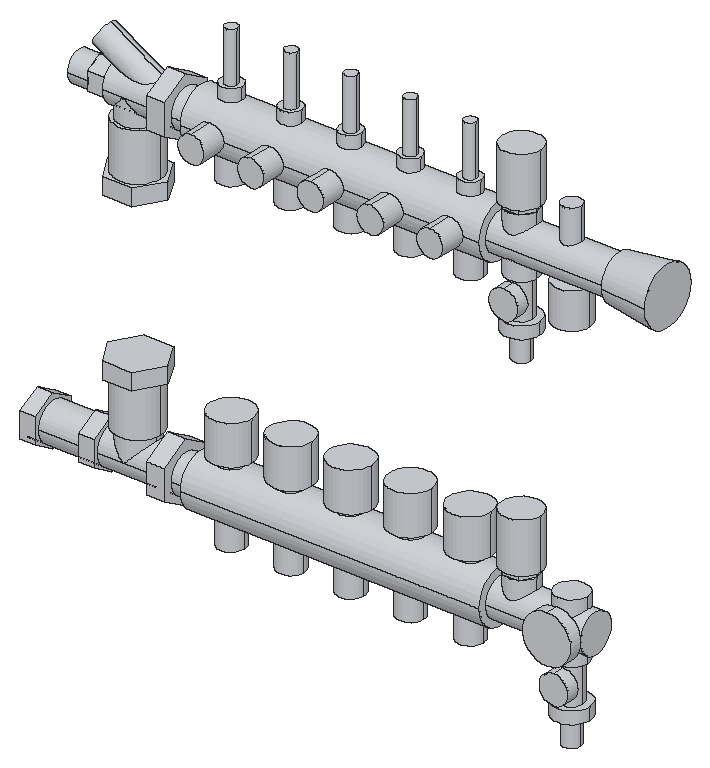
Revit family "318_1dab38ccfa9a4ba2b3cf6a35155c05", category Pipe Accessories, Revit 2017
Family settings
  Round Connector Dimension = Use Diameter
  Part Type = Valve - Normal
  Work Plane-Based = No
  Always vertical = Yes
  Cut with Voids When Loaded = No
  Shared = No
Parameters (values of type "R557FY005")
  magi_piping_qv_2_5 [instance] = 0.0 L/s
  magi_piping_qv_2_4 [instance] = 0.0 L/s
  magi_piping_qv_2_3 [instance] = 0.0 L/s
  magi_piping_qv_2_2 [instance] = 0.0 L/s
  magi_piping_qv_2_1 [instance] = 0.0 L/s
  magi_piping_qv_1_5 [instance] = 0.0 L/s
  magi_piping_qv_1_4 [instance] = 0.0 L/s
  magi_piping_qv_1_3 [instance] = 0.0 L/s
  magi_piping_qv_1_2 [instance] = 0.0 L/s
  magi_piping_qv_1_1 [instance] = 0.0 L/s
  magi_piping_qv [instance] = 0.0 L/s
  magi_piping_power_5 [instance] = 0 W
  magi_piping_power_4 [instance] = 0 W
  magi_piping_power_3 [instance] = 0 W
  magi_piping_power_2 [instance] = 0 W
  magi_piping_power_1 [instance] = 0 W
  magi_piping_kv_5 [instance] = 0
  magi_piping_kv_4 [instance] = 0
  magi_piping_kv_3 [instance] = 0
  magi_piping_kv_2 [instance] = 0
  magi_piping_kv_1 [instance] = 0
  magi_piping_dpTot_5 [instance] = 0.0 Pa
  magi_piping_dpTot_4 [instance] = 0.0 Pa
  magi_piping_dpTot_3 [instance] = 0.0 Pa
  magi_piping_dpTot_2 [instance] = 0.0 Pa
  magi_piping_dpTot_1 [instance] = 0.0 Pa
  magi_adjustmentValue_5 [instance] = ""
  magi_adjustmentValue_4 [instance] = ""
  magi_adjustmentValue_3 [instance] = ""
  magi_adjustmentValue_2 [instance] = ""
  magi_adjustmentValue_1 [instance] = ""
  magiProductId = "1dab38ccfa9a4ba2b3cf6a35155c05"
  magiProductFamilyId = "1dab38ccfa9a4ba2b3cf6a35155c05"
  magiProductCode = "R557FY005"
  magiPartTypeId = 318
  X1 = 127 mm
  VersionID = "2.0/2016.10.37.0/GIACOMINI_R557FY_001"
  VL2__ve = -VL2  # -137 mm
  VL2 = 137 mm
  VL1 = 102 mm
  URL = "http://www.giacomini.com/en"
  SMP = 25 mm
  SBP9 = 18 mm
  SBP8 = 18 mm
  SBP7 = 18 mm
  SBP6 = 18 mm
  SBP5 = 18 mm
  SBP4 = 18 mm
  SBP3 = 18 mm
  SBP2 = 18 mm
  SBP12 = 18 mm
  SBP11 = 18 mm
  SBP10 = 18 mm
  SBP1 = 18 mm
  RMP = 25 mm
  RBP9 = 18 mm
  RBP8 = 18 mm
  RBP7 = 18 mm
  RBP6 = 18 mm
  RBP5 = 18 mm
  RBP4 = 18 mm
  RBP3 = 18 mm
  RBP2 = 18 mm
  RBP12 = 18 mm
  RBP11 = 18 mm
  RBP10 = 18 mm
  RBP1 = 18 mm
  R2 = 22 mm
  QmdConnectorList = "321;SMP;322;SBP1;323;SBP2;324;SBP3;325;SBP4;326;SBP5;351;RMP;352;RBP1;353;RBP2;354;RBP3;355;RBP4;356;RBP5"
  Productdata [instance] = "© Progman Oy, all rights reserved"
  N9 = no
  N8 = no
  N7 = no
  N6 = no
  N5 = yes
  N4 = yes
  N3 = yes
  N12 = no
  N11 = no
  N10 = no
  Manufacturer = "Giacomini"
  MC_Default_elevation = 0 mm
  L = 250 mm
  I = 50 mm
  H5 = 33 mm
  H4 = 5 mm
  H3__ve = -H3  # -40 mm
  H3 = 40 mm
  H2__ve = -H2  # -20 mm
  H2 = 20 mm
  H12 = 42 mm
  H11 = 10 mm
  Flow supply main [instance] = Flow supply 1 + Flow supply 2 + Flow supply 3 + Flow supply 4 + Flow supply 5  # 0.0 L/s
  Flow supply 5 [instance] = 0.0 L/s
  Flow supply 4 [instance] = 0.0 L/s
  Flow supply 3 [instance] = 0.0 L/s
  Flow supply 2 [instance] = 0.0 L/s
  Flow supply 1 [instance] = 0.0 L/s
  Flow return main [instance] = Flow return 1 + Flow return 2 + Flow return 3 + Flow return 4 + Flow return 5  # 0.0 L/s
  Flow return 5 [instance] = 0.0 L/s
  Flow return 4 [instance] = 0.0 L/s
  Flow return 3 [instance] = 0.0 L/s
  Flow return 2 [instance] = 0.0 L/s
  Flow return 1 [instance] = 0.0 L/s
  E = 274 mm
  Description = "PREASSEMBLED MANIFOLD WITH FLOW METERS"
  D4 = 22 mm
  D32 = 10 mm
  D31 = 18 mm
  D2 = 44 mm
  CAT0 = yes
Reference planes
  plane 1 "Center (Front/Back)": y = 0
  plane 2 "XYPLANE": z = 0
  plane 3 "Center (Left/Right)": x = 0
  plane 4 "INIT_TEMP": y = 100
  plane 5 "386": y = -16
  plane 6 "385": z = -41
  plane 7 "384": z = -67
  plane 8 "383": z = -57
  plane 9 "382": y = -9
  plane 10 "381": z = -315
  plane 11 "380": z = -341
  plane 12 "379": z = -331
  plane 13 "378": z = -213
  plane 14 "377": z = -253
  plane 15 "376": z = -61
  plane 16 "375": z = -21
  plane 17 "374": x = 49
  plane 18 "373": x = 77
  plane 19 "372": x = 17
  plane 20 "371": x = 32
  plane 21 "370": x = -35
  plane 22 "369": x = 27
  plane 23 "368": x = 89
  plane 24 "367": x = -35
  plane 25 "366": x = 102
  plane 26 "365": z = -314
  plane 27 "364": z = -247
  plane 28 "363": z = -252
  plane 29 "362": z = -40
  plane 30 "361": x = 0
  plane 31 "360": y = 0
  plane 32 "359": z = -274
  plane 33 "358": z = 0
  plane 34 "357": z = 22
  plane 35 "356": x = 127
  plane 36 "355": x = 177
  plane 37 "354": y = -22
  plane 38 "353": x = 227
  plane 39 "352": z = 32
  plane 40 "351": x = 277
  plane 41 "350": x = 327
  plane 42 "349": x = 377
  plane 43 "348": x = 427
  plane 44 "347": x = 477
  plane 45 "346": x = 527
  plane 46 "345": x = 577
  plane 47 "344": x = 627
  plane 48 "343": x = 677
  plane 49 "342": x = 352
  plane 50 "341": x = 452
  plane 51 "340": x = 492
  plane 52 "339": x = 370
  plane 53 "338": z = -25
  plane 54 "337": z = 25
  plane 55 "336": z = 30
  plane 56 "335": z = -249
  plane 57 "334": z = -244
  plane 58 "333": z = -16
  plane 59 "332": x = 412
  plane 60 "331": z = -299
  plane 61 "1099": through (77, -750, 0) normal (0.866, 0, -0.5)
Forms (mm)
  Extrusion 1, solid
    sketch origin (750, -16, 0) x (-1, 0, 0) y (0, 0, 1)
      loop
        circle (338, -274) r 20
    from 0 to -10
  Extrusion 2, solid
    sketch origin (-750, 0, -67) x (1, 0, 0) y (0, 1, 0)
      loop
        circle (1120, 0) r 7.5
    from 0 to -22
  Extrusion 3, solid
    sketch origin (750, -9, 0) x (-1, 0, 0) y (0, 0, 1)
      loop
        circle (380, -41) r 12
    from 0 to -10
  Extrusion 4, solid
    sketch origin (750, -9, 0) x (-1, 0, 0) y (0, 0, 1)
      loop
        circle (338, -315) r 12
    from 0 to -10
  Extrusion 5, solid
    sketch origin (-750, 0, -341) x (1, 0, 0) y (0, 1, 0)
      loop
        circle (1162, 0) r 7.5
    from 0 to -22
  Extrusion 6, solid
    sketch origin (-750, 0, -57) x (1, 0, 0) y (0, 1, 0)
      loop
        circle (1120, 0) r 15
    from 0 to -10
  Extrusion 7, solid
    sketch origin (-750, 0, -331) x (1, 0, 0) y (0, 1, 0)
      loop
        circle (1162, 0) r 15
    from 0 to -10
  Extrusion 8, solid
    sketch origin (-750, 0, -299) x (1, 0, 0) y (0, 1, 0)
      loop
        circle (1162, 0) r 9
    from 0 to -32
  Extrusion 9, solid
    sketch origin (-750, 0, -253) x (1, 0, 0) y (0, 1, 0)
      loop
        circle (799, 0) r 19
    from 0 to 40
  Extrusion 10, solid
    sketch origin (-750, 0, -274) x (1, 0, 0) y (0, 1, 0)
      loop
        circle (799, 0) r 16
    from 0 to 21
  Extrusion 11, solid
    sketch origin (-750, 0, -213) x (1, 0, 0) y (0, 1, 0)
      loop
        line (824, 0) -> (811.5, 21.651) -> (786.5, 21.651) -> (774, 0) -> (786.5, -21.651) -> (811.5, -21.651) -> (824, 0)
    from 0 to 14
  Extrusion 12, solid
    sketch origin (-750, 0, -61) x (1, 0, 0) y (0, 1, 0)
      loop
        line (774, 0) -> (786.5, -21.651) -> (811.5, -21.651) -> (824, 0) -> (811.5, 21.651) -> (786.5, 21.651) -> (774, 0)
    from 0 to -14
  Extrusion 13, solid
    sketch origin (-750, 0, 0) x (1, 0, 0) y (0, 1, 0)
      loop
        circle (799, 0) r 16
    from 0 to -21
  Extrusion 14, solid
    sketch origin (-750, 0, -21) x (1, 0, 0) y (0, 1, 0)
      loop
        circle (799, 0) r 19
    from 0 to -40
  Extrusion 15, solid
    sketch origin (77, -750, 0) x (0, 1, 0) y (0.5, 0, 0.866025)
      loop
        circle (750, 0) r 10.5
    from 0 to -65
  Extrusion 16, solid, visible <- "CAT0"
    sketch origin (17, -750, 0) x (0, 1, 0) y (0, 0, 1)
      loop
        circle (750, 0) r 12.5
    from 0 to -17
  Extrusion 17, solid
    sketch origin (32, -750, 0) x (0, 1, 0) y (0, 0, 1)
      loop
        line (750, 15) -> (737.01, 7.5) -> (737.01, -7.5) -> (750, -15) -> (762.99, -7.5) -> (762.99, 7.5) -> (750, 15)
    from 0 to -15
  Extrusion 18, solid
    sketch origin (-35, -750, 0) x (0, 1, 0) y (0, 0, 1)
      loop
        line (750, -253) -> (731.813, -263.5) -> (731.813, -284.5) -> (750, -295) -> (768.187, -284.5) -> (768.187, -263.5) -> (750, -253)
    from 0 to 13
  Extrusion 19, solid
    sketch origin (27, -750, 0) x (0, 1, 0) y (0, 0, 1)
      loop
        line (750, -253) -> (731.813, -263.5) -> (731.813, -284.5) -> (750, -295) -> (768.187, -284.5) -> (768.187, -263.5) -> (750, -253)
    from 0 to -13
  Extrusion 20, solid
    sketch origin (102, -750, 0) x (0, 1, 0) y (0, 0, 1)
      loop
        circle (750, 0) r 16
    from 0 to -70
  Extrusion 21, solid
    sketch origin (89, -750, 0) x (0, 1, 0) y (0, 0, 1)
      loop
        line (750, 25) -> (728.349, 12.5) -> (728.349, -12.5) -> (750, -25) -> (771.651, -12.5) -> (771.651, 12.5) -> (750, 25)
    from 0 to -15
  Extrusion 22, solid
    sketch origin (89, -750, 0) x (0, 1, 0) y (0, 0, 1)
      loop
        line (750, -249) -> (728.349, -261.5) -> (728.349, -286.5) -> (750, -299) -> (771.651, -286.5) -> (771.651, -261.5) -> (750, -249)
    from 0 to -15
  Extrusion 23, solid
    sketch origin (102, -750, 0) x (0, 1, 0) y (0, 0, 1)
      loop
        circle (750, -274) r 16
    from 0 to -137 <- "VL2__ve"
  Extrusion 24, solid, visible <- "N10"
    sketch origin (-750, 0, -274) x (1, 0, 0) y (0, 1, 0)
      loop
        circle (1327, 0) r 11
    from 0 to -40 <- "H3__ve"
  Extrusion 25, solid, visible <- "N10"
    sketch origin (-750, 0, -252) x (1, 0, 0) y (0, 1, 0)
      loop
        circle (1327, 0) r 11
    from 0 to 5 <- "H4"
  Extrusion 26, solid, visible <- "N10"
    sketch origin (-750, 0, -247) x (1, 0, 0) y (0, 1, 0)
      loop
        circle (1327, 0) r 17.5
    from 0 to 33 <- "H5"
  Extrusion 27, solid, visible <- "N12"
    sketch origin (-750, 0, -247) x (1, 0, 0) y (0, 1, 0)
      loop
        circle (1427, 0) r 17.5
    from 0 to 33 <- "H5"
  Extrusion 28, solid, visible <- "N12"
    sketch origin (-750, 0, -252) x (1, 0, 0) y (0, 1, 0)
      loop
        circle (1427, 0) r 11
    from 0 to 5 <- "H4"
  Extrusion 29, solid, visible <- "N12"
    sketch origin (-750, 0, -274) x (1, 0, 0) y (0, 1, 0)
      loop
        circle (1427, 0) r 11
    from 0 to -40 <- "H3__ve"
  Extrusion 30, solid, visible <- "N11"
    sketch origin (-750, 0, -274) x (1, 0, 0) y (0, 1, 0)
      loop
        circle (1377, 0) r 11
    from 0 to -40 <- "H3__ve"
  Extrusion 31, solid, visible <- "N11"
    sketch origin (-750, 0, -252) x (1, 0, 0) y (0, 1, 0)
      loop
        circle (1377, 0) r 11
    from 0 to 5 <- "H4"
  Extrusion 32, solid, visible <- "N11"
    sketch origin (-750, 0, -247) x (1, 0, 0) y (0, 1, 0)
      loop
        circle (1377, 0) r 17.5
    from 0 to 33 <- "H5"
  Extrusion 33, solid, visible <- "N8"
    sketch origin (-750, 0, -247) x (1, 0, 0) y (0, 1, 0)
      loop
        circle (1227, 0) r 17.5
    from 0 to 33 <- "H5"
  Extrusion 34, solid, visible <- "N8"
    sketch origin (-750, 0, -252) x (1, 0, 0) y (0, 1, 0)
      loop
        circle (1227, 0) r 11
    from 0 to 5 <- "H4"
  Extrusion 35, solid, visible <- "N8"
    sketch origin (-750, 0, -274) x (1, 0, 0) y (0, 1, 0)
      loop
        circle (1227, 0) r 11
    from 0 to -40 <- "H3__ve"
  Extrusion 36, solid, visible <- "N9"
    sketch origin (-750, 0, -274) x (1, 0, 0) y (0, 1, 0)
      loop
        circle (1277, 0) r 11
    from 0 to -40 <- "H3__ve"
  Extrusion 37, solid, visible <- "N9"
    sketch origin (-750, 0, -252) x (1, 0, 0) y (0, 1, 0)
      loop
        circle (1277, 0) r 11
    from 0 to 5 <- "H4"
  Extrusion 38, solid, visible <- "N9"
    sketch origin (-750, 0, -247) x (1, 0, 0) y (0, 1, 0)
      loop
        circle (1277, 0) r 17.5
    from 0 to 33 <- "H5"
  Extrusion 39, solid, visible <- "N7"
    sketch origin (-750, 0, -247) x (1, 0, 0) y (0, 1, 0)
      loop
        circle (1177, 0) r 17.5
    from 0 to 33 <- "H5"
  Extrusion 40, solid, visible <- "N7"
    sketch origin (-750, 0, -252) x (1, 0, 0) y (0, 1, 0)
      loop
        circle (1177, 0) r 11
    from 0 to 5 <- "H4"
  Extrusion 41, solid, visible <- "N7"
    sketch origin (-750, 0, -274) x (1, 0, 0) y (0, 1, 0)
      loop
        circle (1177, 0) r 11
    from 0 to -40 <- "H3__ve"
  Extrusion 42, solid, visible <- "N6"
    sketch origin (-750, 0, -274) x (1, 0, 0) y (0, 1, 0)
      loop
        circle (1127, 0) r 11
    from 0 to -40 <- "H3__ve"
  Extrusion 43, solid, visible <- "N6"
    sketch origin (-750, 0, -252) x (1, 0, 0) y (0, 1, 0)
      loop
        circle (1127, 0) r 11
    from 0 to 5 <- "H4"
  Extrusion 44, solid, visible <- "N6"
    sketch origin (-750, 0, -247) x (1, 0, 0) y (0, 1, 0)
      loop
        circle (1127, 0) r 17.5
    from 0 to 33 <- "H5"
  Extrusion 45, solid, visible <- "N5"
    sketch origin (-750, 0, -247) x (1, 0, 0) y (0, 1, 0)
      loop
        circle (1077, 0) r 17.5
    from 0 to 33 <- "H5"
  Extrusion 46, solid, visible <- "N5"
    sketch origin (-750, 0, -252) x (1, 0, 0) y (0, 1, 0)
      loop
        circle (1077, 0) r 11
    from 0 to 5 <- "H4"
  Extrusion 47, solid, visible <- "N5"
    sketch origin (-750, 0, -274) x (1, 0, 0) y (0, 1, 0)
      loop
        circle (1077, 0) r 11
    from 0 to -40 <- "H3__ve"
  Extrusion 48, solid, visible <- "N4"
    sketch origin (-750, 0, -274) x (1, 0, 0) y (0, 1, 0)
      loop
        circle (1027, 0) r 11
    from 0 to -40 <- "H3__ve"
  Extrusion 49, solid, visible <- "N4"
    sketch origin (-750, 0, -252) x (1, 0, 0) y (0, 1, 0)
      loop
        circle (1027, 0) r 11
    from 0 to 5 <- "H4"
  Extrusion 50, solid, visible <- "N4"
    sketch origin (-750, 0, -247) x (1, 0, 0) y (0, 1, 0)
      loop
        circle (1027, 0) r 17.5
    from 0 to 33 <- "H5"
  Extrusion 51, solid, visible <- "N3"
    sketch origin (-750, 0, -247) x (1, 0, 0) y (0, 1, 0)
      loop
        circle (977, 0) r 17.5
    from 0 to 33 <- "H5"
  Extrusion 52, solid, visible <- "N3"
    sketch origin (-750, 0, -252) x (1, 0, 0) y (0, 1, 0)
      loop
        circle (977, 0) r 11
    from 0 to 5 <- "H4"
  Extrusion 53, solid
    sketch origin (-750, 0, -252) x (1, 0, 0) y (0, 1, 0)
      loop
        circle (927, 0) r 11
    from 0 to 5 <- "H4"
  Extrusion 54, solid
    sketch origin (-750, 0, -247) x (1, 0, 0) y (0, 1, 0)
      loop
        circle (927, 0) r 17.5
    from 0 to 33 <- "H5"
  Extrusion 55, solid
    sketch origin (-750, 0, -247) x (1, 0, 0) y (0, 1, 0)
      loop
        circle (877, 0) r 17.5
    from 0 to 33 <- "H5"
  Extrusion 56, solid
    sketch origin (-750, 0, -252) x (1, 0, 0) y (0, 1, 0)
      loop
        circle (877, 0) r 11
    from 0 to 5 <- "H4"
  Extrusion 57, solid, visible <- "N3"
    sketch origin (-750, 0, -274) x (1, 0, 0) y (0, 1, 0)
      loop
        circle (977, 0) r 11
    from 0 to -40 <- "H3__ve"
  Extrusion 58, solid
    sketch origin (-750, 0, -274) x (1, 0, 0) y (0, 1, 0)
      loop
        circle (877, 0) r 11
    from 0 to -40 <- "H3__ve"
  Extrusion 59, solid
    sketch origin (-750, 0, -274) x (1, 0, 0) y (0, 1, 0)
      loop
        circle (927, 0) r 11
    from 0 to -40 <- "H3__ve"
  Extrusion 60, solid
    sketch origin (102, -750, 0) x (0, 1, 0) y (0, 0, 1)
      loop
        circle (750, -274) r 22
    from 0 to 250 <- "L"
  Extrusion 61, solid, visible <- "N8"
    sketch origin (-750, 0, 0) x (1, 0, 0) y (0, 1, 0)
      loop
        circle (1227, 0) r 11
    from 0 to -40 <- "H3__ve"
  Extrusion 62, solid, visible <- "N9"
    sketch origin (-750, 0, 0) x (1, 0, 0) y (0, 1, 0)
      loop
        circle (1277, 0) r 11
    from 0 to -40 <- "H3__ve"
  Extrusion 63, solid, visible <- "N10"
    sketch origin (-750, 0, 0) x (1, 0, 0) y (0, 1, 0)
      loop
        circle (1327, 0) r 11
    from 0 to -40 <- "H3__ve"
  Extrusion 64, solid, visible <- "N11"
    sketch origin (-750, 0, 0) x (1, 0, 0) y (0, 1, 0)
      loop
        circle (1377, 0) r 11
    from 0 to -40 <- "H3__ve"
  Extrusion 65, solid, visible <- "N12"
    sketch origin (-750, 0, 0) x (1, 0, 0) y (0, 1, 0)
      loop
        circle (1427, 0) r 11
    from 0 to -40 <- "H3__ve"
  Extrusion 66, solid, visible <- "N7"
    sketch origin (-750, 0, 0) x (1, 0, 0) y (0, 1, 0)
      loop
        circle (1177, 0) r 11
    from 0 to -40 <- "H3__ve"
  Extrusion 67, solid, visible <- "N6"
    sketch origin (-750, 0, 0) x (1, 0, 0) y (0, 1, 0)
      loop
        circle (1127, 0) r 11
    from 0 to -40 <- "H3__ve"
  Extrusion 68, solid, visible <- "N5"
    sketch origin (-750, 0, 0) x (1, 0, 0) y (0, 1, 0)
      loop
        circle (1077, 0) r 11
    from 0 to -40 <- "H3__ve"
  Extrusion 69, solid, visible <- "N4"
    sketch origin (-750, 0, 0) x (1, 0, 0) y (0, 1, 0)
      loop
        circle (1027, 0) r 11
    from 0 to -40 <- "H3__ve"
  Extrusion 70, solid, visible <- "N3"
    sketch origin (-750, 0, 0) x (1, 0, 0) y (0, 1, 0)
      loop
        circle (977, 0) r 11
    from 0 to -40 <- "H3__ve"
  Extrusion 71, solid
    sketch origin (-750, 0, 0) x (1, 0, 0) y (0, 1, 0)
      loop
        circle (927, 0) r 11
    from 0 to -40 <- "H3__ve"
  Extrusion 72, solid
    sketch origin (-750, 0, 0) x (1, 0, 0) y (0, 1, 0)
      loop
        circle (877, 0) r 11
    from 0 to -40 <- "H3__ve"
  Extrusion 73, solid
    sketch origin (102, -750, 0) x (0, 1, 0) y (0, 0, 1)
      loop
        circle (750, 0) r 22
    from 0 to 250 <- "L"
  Extrusion 74, solid
    sketch origin (-750, 0, 22) x (1, 0, 0) y (0, 1, 0)
      loop
        circle (877, 0) r 9
    from 0 to 10 <- "H11"
  Extrusion 75, solid
    sketch origin (750, -22, 0) x (-1, 0, 0) y (0, 0, 1)
      loop
        circle (623, 0) r 11
    from 0 to -20 <- "H2__ve"
  Extrusion 76, solid
    sketch origin (750, -22, 0) x (-1, 0, 0) y (0, 0, 1)
      loop
        circle (573, 0) r 11
    from 0 to -20 <- "H2__ve"
  Extrusion 77, solid, visible <- "N3"
    sketch origin (750, -22, 0) x (-1, 0, 0) y (0, 0, 1)
      loop
        circle (523, 0) r 11
    from 0 to -20 <- "H2__ve"
  Extrusion 78, solid
    sketch origin (-750, 0, 32) x (1, 0, 0) y (0, 1, 0)
      loop
        circle (877, 0) r 5
    from 0 to 42 <- "H12"
  Extrusion 79, solid
    sketch origin (-750, 0, 32) x (1, 0, 0) y (0, 1, 0)
      loop
        circle (927, 0) r 5
    from 0 to 42 <- "H12"
  Extrusion 80, solid
    sketch origin (-750, 0, 22) x (1, 0, 0) y (0, 1, 0)
      loop
        circle (927, 0) r 9
    from 0 to 10 <- "H11"
  Extrusion 81, solid, visible <- "N3"
    sketch origin (-750, 0, 22) x (1, 0, 0) y (0, 1, 0)
      loop
        circle (977, 0) r 9
    from 0 to 10 <- "H11"
  Extrusion 82, solid, visible <- "N3"
    sketch origin (-750, 0, 32) x (1, 0, 0) y (0, 1, 0)
      loop
        circle (977, 0) r 5
    from 0 to 42 <- "H12"
  Extrusion 83, solid, visible <- "N4"
    sketch origin (-750, 0, 32) x (1, 0, 0) y (0, 1, 0)
      loop
        circle (1027, 0) r 5
    from 0 to 42 <- "H12"
  Extrusion 84, solid, visible <- "N4"
    sketch origin (-750, 0, 22) x (1, 0, 0) y (0, 1, 0)
      loop
        circle (1027, 0) r 9
    from 0 to 10 <- "H11"
  Extrusion 85, solid, visible <- "N4"
    sketch origin (750, -22, 0) x (-1, 0, 0) y (0, 0, 1)
      loop
        circle (473, 0) r 11
    from 0 to -20 <- "H2__ve"
  Extrusion 86, solid, visible <- "N5"
    sketch origin (750, -22, 0) x (-1, 0, 0) y (0, 0, 1)
      loop
        circle (423, 0) r 11
    from 0 to -20 <- "H2__ve"
  Extrusion 87, solid, visible <- "N5"
    sketch origin (-750, 0, 22) x (1, 0, 0) y (0, 1, 0)
      loop
        circle (1077, 0) r 9
    from 0 to 10 <- "H11"
  Extrusion 88, solid, visible <- "N5"
    sketch origin (-750, 0, 32) x (1, 0, 0) y (0, 1, 0)
      loop
        circle (1077, 0) r 5
    from 0 to 42 <- "H12"
  Extrusion 89, solid, visible <- "N6"
    sketch origin (-750, 0, 32) x (1, 0, 0) y (0, 1, 0)
      loop
        circle (1127, 0) r 5
    from 0 to 42 <- "H12"
  Extrusion 90, solid, visible <- "N6"
    sketch origin (-750, 0, 22) x (1, 0, 0) y (0, 1, 0)
      loop
        circle (1127, 0) r 9
    from 0 to 10 <- "H11"
  Extrusion 91, solid, visible <- "N6"
    sketch origin (750, -22, 0) x (-1, 0, 0) y (0, 0, 1)
      loop
        circle (373, 0) r 11
    from 0 to -20 <- "H2__ve"
  Extrusion 92, solid, visible <- "N7"
    sketch origin (750, -22, 0) x (-1, 0, 0) y (0, 0, 1)
      loop
        circle (323, 0) r 11
    from 0 to -20 <- "H2__ve"
  Extrusion 93, solid, visible <- "N7"
    sketch origin (-750, 0, 22) x (1, 0, 0) y (0, 1, 0)
      loop
        circle (1177, 0) r 9
    from 0 to 10 <- "H11"
  Extrusion 94, solid, visible <- "N7"
    sketch origin (-750, 0, 32) x (1, 0, 0) y (0, 1, 0)
      loop
        circle (1177, 0) r 5
    from 0 to 42 <- "H12"
  Extrusion 95, solid, visible <- "N8"
    sketch origin (-750, 0, 32) x (1, 0, 0) y (0, 1, 0)
      loop
        circle (1227, 0) r 5
    from 0 to 42 <- "H12"
  Extrusion 96, solid, visible <- "N8"
    sketch origin (-750, 0, 22) x (1, 0, 0) y (0, 1, 0)
      loop
        circle (1227, 0) r 9
    from 0 to 10 <- "H11"
  Extrusion 97, solid, visible <- "N8"
    sketch origin (750, -22, 0) x (-1, 0, 0) y (0, 0, 1)
      loop
        circle (273, 0) r 11
    from 0 to -20 <- "H2__ve"
  Extrusion 98, solid, visible <- "N10"
    sketch origin (750, -22, 0) x (-1, 0, 0) y (0, 0, 1)
      loop
        circle (173, 0) r 11
    from 0 to -20 <- "H2__ve"
  Extrusion 99, solid, visible <- "N10"
    sketch origin (-750, 0, 22) x (1, 0, 0) y (0, 1, 0)
      loop
        circle (1327, 0) r 9
    from 0 to 10 <- "H11"
  Extrusion 100, solid, visible <- "N10"
    sketch origin (-750, 0, 32) x (1, 0, 0) y (0, 1, 0)
      loop
        circle (1327, 0) r 5
    from 0 to 42 <- "H12"
  Extrusion 101, solid, visible <- "N9"
    sketch origin (-750, 0, 32) x (1, 0, 0) y (0, 1, 0)
      loop
        circle (1277, 0) r 5
    from 0 to 42 <- "H12"
  Extrusion 102, solid, visible <- "N9"
    sketch origin (-750, 0, 22) x (1, 0, 0) y (0, 1, 0)
      loop
        circle (1277, 0) r 9
    from 0 to 10 <- "H11"
  Extrusion 103, solid, visible <- "N9"
    sketch origin (750, -22, 0) x (-1, 0, 0) y (0, 0, 1)
      loop
        circle (223, 0) r 11
    from 0 to -20 <- "H2__ve"
  Extrusion 104, solid, visible <- "N11"
    sketch origin (-750, 0, 32) x (1, 0, 0) y (0, 1, 0)
      loop
        circle (1377, 0) r 5
    from 0 to 42 <- "H12"
  Extrusion 105, solid, visible <- "N11"
    sketch origin (-750, 0, 22) x (1, 0, 0) y (0, 1, 0)
      loop
        circle (1377, 0) r 9
    from 0 to 10 <- "H11"
  Extrusion 106, solid, visible <- "N11"
    sketch origin (750, -22, 0) x (-1, 0, 0) y (0, 0, 1)
      loop
        circle (123, 0) r 11
    from 0 to -20 <- "H2__ve"
  Extrusion 107, solid, visible <- "N12"
    sketch origin (750, -22, 0) x (-1, 0, 0) y (0, 0, 1)
      loop
        circle (73, 0) r 11
    from 0 to -20 <- "H2__ve"
  Extrusion 108, solid, visible <- "N12"
    sketch origin (-750, 0, 22) x (1, 0, 0) y (0, 1, 0)
      loop
        circle (1427, 0) r 9
    from 0 to 10 <- "H11"
  Extrusion 109, solid, visible <- "N12"
    sketch origin (-750, 0, 32) x (1, 0, 0) y (0, 1, 0)
      loop
        circle (1427, 0) r 5
    from 0 to 42 <- "H12"
  Extrusion 110, solid
    sketch origin (352, -750, 0) x (0, 1, 0) y (0, 0, 1)
      loop
        circle (750, 0) r 16
    from 0 to 100
  Blend 111, solid
    base sketch origin (452, -750, 0) x (0, 1, 0) y (0, 0, 1)
      loop
        circle (750, 0) r 19
    top sketch origin (452, -750, 0) x (0, 1, 0) y (0, 0, 1)
      loop
        circle (750, 0) r 24
    from 0 to 40
  Extrusion 112, solid
    sketch origin (-750, 0, -25) x (1, 0, 0) y (0, 1, 0)
      loop
        circle (1120, 0) r 13
    from 0 to 50
  Extrusion 113, solid
    sketch origin (-750, 0, 25) x (1, 0, 0) y (0, 1, 0)
      loop
        line (1133, 0) -> (1126.5, 11.258) -> (1113.5, 11.258) -> (1107, 0) -> (1113.5, -11.258) -> (1126.5, -11.258) -> (1133, 0)
    from 0 to 5
  Extrusion 114, solid
    sketch origin (-750, 0, 30) x (1, 0, 0) y (0, 1, 0)
      loop
        circle (1120, 0) r 16
    from 0 to 42
  Extrusion 115, solid
    sketch origin (352, -750, 0) x (0, 1, 0) y (0, 0, 1)
      loop
        circle (750, -274) r 16
    from 0 to 80
  Extrusion 116, solid
    sketch origin (-750, 0, -274) x (1, 0, 0) y (0, 1, 0)
      loop
        circle (1120, 0) r 13
    from 0 to 25
  Extrusion 117, solid
    sketch origin (-750, 0, -244) x (1, 0, 0) y (0, 1, 0)
      loop
        circle (1120, 0) r 16
    from 0 to 42
  Extrusion 118, solid
    sketch origin (-750, 0, -249) x (1, 0, 0) y (0, 1, 0)
      loop
        line (1133, 0) -> (1126.5, 11.258) -> (1113.5, 11.258) -> (1107, 0) -> (1113.5, -11.258) -> (1126.5, -11.258) -> (1133, 0)
    from 0 to 5
  Extrusion 119, solid, visible <- "CAT0"
    sketch origin (-750, 0, -16) x (1, 0, 0) y (0, 1, 0)
      loop
        circle (1162, 0) r 15
    from 0 to -30
  Extrusion 120, solid, visible <- "CAT0"
    sketch origin (-750, 0, 0) x (1, 0, 0) y (0, 1, 0)
      loop
        circle (1162, 0) r 8
    from 0 to 42
  Extrusion 121, solid
    sketch origin (-750, 0, -25) x (1, 0, 0) y (0, 1, 0)
      loop
        circle (1120, 0) r 9
    from 0 to -32
  Extrusion 122, solid
    sketch origin (-750, 0, -299) x (1, 0, 0) y (0, 1, 0)
      loop
        circle (1162, 0) r 13
    from 0 to 50
  Extrusion 123, solid, not visible
    sketch origin (-750, 0, -314) x (1, 0, 0) y (0, 1, 0)
      loop
        circle (1077, 0) r 10
    from 0 to 10
  Extrusion 124, solid, not visible
    sketch origin (-750, 0, -314) x (1, 0, 0) y (0, 1, 0)
      loop
        circle (1027, 0) r 10
    from 0 to 10
  Extrusion 125, solid, not visible
    sketch origin (-750, 0, -314) x (1, 0, 0) y (0, 1, 0)
      loop
        circle (927, 0) r 10
    from 0 to 10
  Extrusion 126, solid, not visible
    sketch origin (-750, 0, -314) x (1, 0, 0) y (0, 1, 0)
      loop
        circle (877, 0) r 10
    from 0 to 10
  Extrusion 127, solid, not visible
    sketch origin (-750, 0, -314) x (1, 0, 0) y (0, 1, 0)
      loop
        circle (977, 0) r 10
    from 0 to 10
  Extrusion 128, solid, not visible
    sketch origin (-750, 0, -40) x (1, 0, 0) y (0, 1, 0)
      loop
        circle (1077, 0) r 10
    from 0 to 10
  Extrusion 129, solid, not visible
    sketch origin (-750, 0, -40) x (1, 0, 0) y (0, 1, 0)
      loop
        circle (1027, 0) r 10
    from 0 to 10
  Extrusion 130, solid, not visible
    sketch origin (-750, 0, -40) x (1, 0, 0) y (0, 1, 0)
      loop
        circle (977, 0) r 10
    from 0 to 10
  Extrusion 131, solid, not visible
    sketch origin (0, -750, 0) x (0, 1, 0) y (0, 0, 1)
      loop
        circle (750, 0) r 10
    from 0 to 10
  Extrusion 132, solid, not visible
    sketch origin (-35, -750, 0) x (0, 1, 0) y (0, 0, 1)
      loop
        circle (750, -274) r 10
    from 0 to 10
  Extrusion 133, solid, not visible
    sketch origin (-750, 0, -40) x (1, 0, 0) y (0, 1, 0)
      loop
        circle (877, 0) r 10
    from 0 to 10
  Extrusion 134, solid, not visible
    sketch origin (-750, 0, -40) x (1, 0, 0) y (0, 1, 0)
      loop
        circle (927, 0) r 10
    from 0 to 10
Text (mm)
  text "© Progman Oy, all rights reserved" at (-472.209, -2482.653, 0), in view "Ref. Level"
Dimensions and locks
  plane 4 "INIT_TEMP" to plane 1 "Center (Front/Back)" = 100 mm
  locked: plane 1 "Center (Front/Back)" to plane 5 "386" at 16
  locked: plane 53 "338" to plane 6 "385" at 16
  locked: plane 8 "383" to plane 7 "384" at 10
  locked: plane 53 "338" to plane 8 "383" at 32
  locked: plane 1 "Center (Front/Back)" to plane 9 "382" at 9
  locked: plane 60 "331" to plane 10 "381" at 16
  locked: plane 12 "379" to plane 11 "380" at 10
  locked: plane 60 "331" to plane 12 "379" at 32
  locked: plane 14 "377" to plane 13 "378" at 40
  locked: plane 32 "359" to plane 14 "377" at 21
  locked: plane 16 "375" to plane 15 "376" at 40
  locked: plane 2 "XYPLANE" to plane 16 "375" at 21
  locked: plane 25 "366" to plane 17 "374" at 53
  locked: plane 25 "366" to plane 18 "373" at 25
  locked: plane 20 "371" to plane 19 "372" at 15
  locked: plane 25 "366" to plane 20 "371" at 70
  "VL2": plane 25 "366" to plane 21 "370"
  locked: plane 23 "368" to plane 22 "369" at 62
  locked: plane 25 "366" to plane 23 "368" at 13
  "VL2": plane 25 "366" to plane 24 "367"
  "VL1": plane 3 "Center (Left/Right)" to plane 25 "366"
  "H3": plane 32 "359" to plane 26 "365"
  "H4": plane 28 "363" to plane 27 "364"
  "R2": plane 32 "359" to plane 28 "363"
  "H3": plane 2 "XYPLANE" to plane 29 "362"
  locked: plane 3 "Center (Left/Right)" to plane 30 "361"
  locked: plane 1 "Center (Front/Back)" to plane 31 "360"
  "E": plane 2 "XYPLANE" to plane 32 "359"
  locked: plane 2 "XYPLANE" to plane 33 "358"
  "R2": plane 2 "XYPLANE" to plane 34 "357"
  "X1": plane 3 "Center (Left/Right)" to plane 35 "356"
  "I": plane 35 "356" to plane 36 "355"
  "R2": plane 1 "Center (Front/Back)" to plane 37 "354"
  "I": plane 36 "355" to plane 38 "353"
  "H11": plane 34 "357" to plane 39 "352"
  "I": plane 38 "353" to plane 40 "351"
  "I": plane 40 "351" to plane 41 "350"
  "I": plane 41 "350" to plane 42 "349"
  "I": plane 42 "349" to plane 43 "348"
  "I": plane 43 "348" to plane 44 "347"
  "I": plane 44 "347" to plane 45 "346"
  "I": plane 45 "346" to plane 46 "345"
  "I": plane 46 "345" to plane 47 "344"
  "I": plane 47 "344" to plane 48 "343"
  "L": plane 25 "366" to plane 49 "342"
  locked: plane 49 "342" to plane 50 "341" at 100
  locked: plane 50 "341" to plane 51 "340" at 40
  locked: plane 49 "342" to plane 52 "339" at 18
  locked: plane 2 "XYPLANE" to plane 53 "338" at 25
  locked: plane 53 "338" to plane 54 "337" at 50
  locked: plane 54 "337" to plane 55 "336" at 5
  locked: plane 32 "359" to plane 56 "335" at 25
  locked: plane 56 "335" to plane 57 "334" at 5
  locked: plane 2 "XYPLANE" to plane 58 "333" at 16
  locked: plane 49 "342" to plane 59 "332" at 60
  locked: plane 32 "359" to plane 60 "331" at 25
  "D4": diameter of Extrusion 24 sketch curve
  "D4": diameter of Extrusion 25 sketch curve
  diameter of Extrusion 26 sketch curve = 35 mm
  diameter of Extrusion 27 sketch curve = 35 mm
  "D4": diameter of Extrusion 28 sketch curve
  "D4": diameter of Extrusion 29 sketch curve
  "D4": diameter of Extrusion 30 sketch curve
  "D4": diameter of Extrusion 31 sketch curve
  diameter of Extrusion 32 sketch curve = 35 mm
  diameter of Extrusion 33 sketch curve = 35 mm
  "D4": diameter of Extrusion 34 sketch curve
  "D4": diameter of Extrusion 35 sketch curve
  "D4": diameter of Extrusion 36 sketch curve
  "D4": diameter of Extrusion 37 sketch curve
  diameter of Extrusion 38 sketch curve = 35 mm
  diameter of Extrusion 39 sketch curve = 35 mm
  "D4": diameter of Extrusion 40 sketch curve
  "D4": diameter of Extrusion 41 sketch curve
  "D4": diameter of Extrusion 42 sketch curve
  "D4": diameter of Extrusion 43 sketch curve
  diameter of Extrusion 44 sketch curve = 35 mm
  diameter of Extrusion 45 sketch curve = 35 mm
  "D4": diameter of Extrusion 46 sketch curve
  "D4": diameter of Extrusion 47 sketch curve
  "D4": diameter of Extrusion 48 sketch curve
  "D4": diameter of Extrusion 49 sketch curve
  diameter of Extrusion 50 sketch curve = 35 mm
  diameter of Extrusion 51 sketch curve = 35 mm
  "D4": diameter of Extrusion 52 sketch curve
  "D4": diameter of Extrusion 53 sketch curve
  diameter of Extrusion 54 sketch curve = 35 mm
  diameter of Extrusion 55 sketch curve = 35 mm
  "D4": diameter of Extrusion 56 sketch curve
  "D4": diameter of Extrusion 57 sketch curve
  "D4": diameter of Extrusion 58 sketch curve
  "D4": diameter of Extrusion 59 sketch curve
  "D2": diameter of Extrusion 60 sketch curve
  "D4": diameter of Extrusion 61 sketch curve
  "D4": diameter of Extrusion 62 sketch curve
  "D4": diameter of Extrusion 63 sketch curve
  "D4": diameter of Extrusion 64 sketch curve
  "D4": diameter of Extrusion 65 sketch curve
  "D4": diameter of Extrusion 66 sketch curve
  "D4": diameter of Extrusion 67 sketch curve
  "D4": diameter of Extrusion 68 sketch curve
  "D4": diameter of Extrusion 69 sketch curve
  "D4": diameter of Extrusion 70 sketch curve
  "D4": diameter of Extrusion 71 sketch curve
  "D4": diameter of Extrusion 72 sketch curve
  "D2": diameter of Extrusion 73 sketch curve
  "D31": diameter of Extrusion 74 sketch curve
  "D4": diameter of Extrusion 75 sketch curve
  "D4": diameter of Extrusion 76 sketch curve
  "D4": diameter of Extrusion 77 sketch curve
  "D32": diameter of Extrusion 78 sketch curve
  "D32": diameter of Extrusion 79 sketch curve
  "D31": diameter of Extrusion 80 sketch curve
  "D31": diameter of Extrusion 81 sketch curve
  "D32": diameter of Extrusion 82 sketch curve
  "D32": diameter of Extrusion 83 sketch curve
  "D31": diameter of Extrusion 84 sketch curve
  "D4": diameter of Extrusion 85 sketch curve
  "D4": diameter of Extrusion 86 sketch curve
  "D31": diameter of Extrusion 87 sketch curve
  "D32": diameter of Extrusion 88 sketch curve
  "D32": diameter of Extrusion 89 sketch curve
  "D31": diameter of Extrusion 90 sketch curve
  "D4": diameter of Extrusion 91 sketch curve
  "D4": diameter of Extrusion 92 sketch curve
  "D31": diameter of Extrusion 93 sketch curve
  "D32": diameter of Extrusion 94 sketch curve
  "D32": diameter of Extrusion 95 sketch curve
  "D31": diameter of Extrusion 96 sketch curve
  "D4": diameter of Extrusion 97 sketch curve
  "D4": diameter of Extrusion 98 sketch curve
  "D31": diameter of Extrusion 99 sketch curve
  "D32": diameter of Extrusion 100 sketch curve
  "D32": diameter of Extrusion 101 sketch curve
  "D31": diameter of Extrusion 102 sketch curve
  "D4": diameter of Extrusion 103 sketch curve
  "D32": diameter of Extrusion 104 sketch curve
  "D31": diameter of Extrusion 105 sketch curve
  "D4": diameter of Extrusion 106 sketch curve
  "D4": diameter of Extrusion 107 sketch curve
  "D31": diameter of Extrusion 108 sketch curve
  "D32": diameter of Extrusion 109 sketch curve
  aligned and locked: level to plane 2 "XYPLANE"
  aligned and locked: plane 32 "359" to Extrusion 1 sketch curve
  aligned and locked: plane 59 "332" to Extrusion 1 sketch curve
  aligned and locked: plane 31 "360" to Extrusion 2 sketch curve
  aligned and locked: plane 52 "339" to Extrusion 2 sketch curve
  aligned and locked: plane 6 "385" to Extrusion 3 sketch curve
  aligned and locked: plane 52 "339" to Extrusion 3 sketch curve
  aligned and locked: plane 10 "381" to Extrusion 4 sketch curve
  aligned and locked: plane 59 "332" to Extrusion 4 sketch curve
  aligned and locked: plane 31 "360" to Extrusion 5 sketch curve
  aligned and locked: plane 59 "332" to Extrusion 5 sketch curve
  aligned and locked: plane 31 "360" to Extrusion 6 sketch curve
  aligned and locked: plane 52 "339" to Extrusion 6 sketch curve
  aligned and locked: plane 31 "360" to Extrusion 7 sketch curve
  aligned and locked: plane 59 "332" to Extrusion 7 sketch curve
  aligned and locked: plane 31 "360" to Extrusion 8 sketch curve
  aligned and locked: plane 59 "332" to Extrusion 8 sketch curve
  aligned and locked: plane 17 "374" to Extrusion 9 sketch curve
  aligned and locked: plane 31 "360" to Extrusion 9 sketch curve
  aligned and locked: plane 17 "374" to Extrusion 10 sketch curve
  aligned and locked: plane 31 "360" to Extrusion 10 sketch curve
  aligned and locked: plane 17 "374" to Extrusion 13 sketch curve
  aligned and locked: plane 31 "360" to Extrusion 13 sketch curve
  aligned and locked: plane 17 "374" to Extrusion 14 sketch curve
  aligned and locked: plane 31 "360" to Extrusion 14 sketch curve
  aligned and locked: plane 31 "360" to Extrusion 15 sketch curve
  aligned and locked: Extrusion 16 sketch curve to plane 31 "360"
  aligned and locked: plane 33 "358" to Extrusion 16 sketch curve
  aligned and locked: Extrusion 20 sketch curve to plane 31 "360"
  aligned and locked: plane 33 "358" to Extrusion 20 sketch curve
  aligned and locked: Extrusion 23 sketch curve to plane 31 "360"
  aligned and locked: plane 32 "359" to Extrusion 23 sketch curve
  aligned and locked: plane 31 "360" to Extrusion 24 sketch curve
  aligned and locked: plane 46 "345" to Extrusion 24 sketch curve
  aligned and locked: plane 31 "360" to Extrusion 25 sketch curve
  aligned and locked: plane 46 "345" to Extrusion 25 sketch curve
  aligned and locked: plane 31 "360" to Extrusion 26 sketch curve
  aligned and locked: plane 46 "345" to Extrusion 26 sketch curve
  aligned and locked: plane 31 "360" to Extrusion 27 sketch curve
  aligned and locked: plane 48 "343" to Extrusion 27 sketch curve
  aligned and locked: plane 31 "360" to Extrusion 28 sketch curve
  aligned and locked: plane 48 "343" to Extrusion 28 sketch curve
  aligned and locked: plane 31 "360" to Extrusion 29 sketch curve
  aligned and locked: plane 48 "343" to Extrusion 29 sketch curve
  aligned and locked: plane 31 "360" to Extrusion 30 sketch curve
  aligned and locked: plane 47 "344" to Extrusion 30 sketch curve
  aligned and locked: plane 31 "360" to Extrusion 31 sketch curve
  aligned and locked: plane 47 "344" to Extrusion 31 sketch curve
  aligned and locked: plane 31 "360" to Extrusion 32 sketch curve
  aligned and locked: plane 47 "344" to Extrusion 32 sketch curve
  aligned and locked: plane 31 "360" to Extrusion 33 sketch curve
  aligned and locked: plane 44 "347" to Extrusion 33 sketch curve
  aligned and locked: plane 31 "360" to Extrusion 34 sketch curve
  aligned and locked: plane 44 "347" to Extrusion 34 sketch curve
  aligned and locked: plane 31 "360" to Extrusion 35 sketch curve
  aligned and locked: plane 44 "347" to Extrusion 35 sketch curve
  aligned and locked: plane 31 "360" to Extrusion 36 sketch curve
  aligned and locked: plane 45 "346" to Extrusion 36 sketch curve
  aligned and locked: plane 31 "360" to Extrusion 37 sketch curve
  aligned and locked: plane 45 "346" to Extrusion 37 sketch curve
  aligned and locked: plane 31 "360" to Extrusion 38 sketch curve
  aligned and locked: plane 45 "346" to Extrusion 38 sketch curve
  aligned and locked: plane 31 "360" to Extrusion 39 sketch curve
  aligned and locked: plane 43 "348" to Extrusion 39 sketch curve
  aligned and locked: plane 31 "360" to Extrusion 40 sketch curve
  aligned and locked: plane 43 "348" to Extrusion 40 sketch curve
  aligned and locked: plane 31 "360" to Extrusion 41 sketch curve
  aligned and locked: plane 43 "348" to Extrusion 41 sketch curve
  aligned and locked: plane 31 "360" to Extrusion 42 sketch curve
  aligned and locked: plane 42 "349" to Extrusion 42 sketch curve
  aligned and locked: plane 31 "360" to Extrusion 43 sketch curve
  aligned and locked: plane 42 "349" to Extrusion 43 sketch curve
  aligned and locked: plane 31 "360" to Extrusion 44 sketch curve
  aligned and locked: plane 42 "349" to Extrusion 44 sketch curve
  aligned and locked: plane 31 "360" to Extrusion 45 sketch curve
  aligned and locked: plane 41 "350" to Extrusion 45 sketch curve
  aligned and locked: plane 31 "360" to Extrusion 46 sketch curve
  aligned and locked: plane 41 "350" to Extrusion 46 sketch curve
  aligned and locked: plane 31 "360" to Extrusion 47 sketch curve
  aligned and locked: plane 41 "350" to Extrusion 47 sketch curve
  aligned and locked: plane 31 "360" to Extrusion 48 sketch curve
  aligned and locked: plane 40 "351" to Extrusion 48 sketch curve
  aligned and locked: plane 31 "360" to Extrusion 49 sketch curve
  aligned and locked: plane 40 "351" to Extrusion 49 sketch curve
  aligned and locked: plane 31 "360" to Extrusion 50 sketch curve
  aligned and locked: plane 40 "351" to Extrusion 50 sketch curve
  aligned and locked: plane 31 "360" to Extrusion 51 sketch curve
  aligned and locked: plane 38 "353" to Extrusion 51 sketch curve
  aligned and locked: plane 31 "360" to Extrusion 52 sketch curve
  aligned and locked: plane 38 "353" to Extrusion 52 sketch curve
  aligned and locked: plane 31 "360" to Extrusion 53 sketch curve
  aligned and locked: plane 36 "355" to Extrusion 53 sketch curve
  aligned and locked: plane 31 "360" to Extrusion 54 sketch curve
  aligned and locked: plane 36 "355" to Extrusion 54 sketch curve
  aligned and locked: plane 31 "360" to Extrusion 55 sketch curve
  aligned and locked: plane 35 "356" to Extrusion 55 sketch curve
  aligned and locked: plane 31 "360" to Extrusion 56 sketch curve
  aligned and locked: plane 35 "356" to Extrusion 56 sketch curve
  aligned and locked: plane 31 "360" to Extrusion 57 sketch curve
  aligned and locked: plane 38 "353" to Extrusion 57 sketch curve
  aligned and locked: plane 31 "360" to Extrusion 58 sketch curve
  aligned and locked: plane 35 "356" to Extrusion 58 sketch curve
  aligned and locked: plane 31 "360" to Extrusion 59 sketch curve
  aligned and locked: plane 36 "355" to Extrusion 59 sketch curve
  aligned and locked: Extrusion 60 sketch curve to plane 31 "360"
  aligned and locked: plane 32 "359" to Extrusion 60 sketch curve
  aligned and locked: plane 31 "360" to Extrusion 61 sketch curve
  aligned and locked: plane 44 "347" to Extrusion 61 sketch curve
  aligned and locked: plane 31 "360" to Extrusion 62 sketch curve
  aligned and locked: plane 45 "346" to Extrusion 62 sketch curve
  aligned and locked: plane 31 "360" to Extrusion 63 sketch curve
  aligned and locked: plane 46 "345" to Extrusion 63 sketch curve
  aligned and locked: plane 31 "360" to Extrusion 64 sketch curve
  aligned and locked: plane 47 "344" to Extrusion 64 sketch curve
  aligned and locked: plane 31 "360" to Extrusion 65 sketch curve
  aligned and locked: plane 48 "343" to Extrusion 65 sketch curve
  aligned and locked: plane 31 "360" to Extrusion 66 sketch curve
  aligned and locked: plane 43 "348" to Extrusion 66 sketch curve
  aligned and locked: plane 31 "360" to Extrusion 67 sketch curve
  aligned and locked: plane 42 "349" to Extrusion 67 sketch curve
  aligned and locked: plane 31 "360" to Extrusion 68 sketch curve
  aligned and locked: plane 41 "350" to Extrusion 68 sketch curve
  aligned and locked: plane 31 "360" to Extrusion 69 sketch curve
  aligned and locked: plane 40 "351" to Extrusion 69 sketch curve
  aligned and locked: plane 31 "360" to Extrusion 70 sketch curve
  aligned and locked: plane 38 "353" to Extrusion 70 sketch curve
  aligned and locked: plane 31 "360" to Extrusion 71 sketch curve
  aligned and locked: plane 36 "355" to Extrusion 71 sketch curve
  aligned and locked: plane 31 "360" to Extrusion 72 sketch curve
  aligned and locked: plane 35 "356" to Extrusion 72 sketch curve
  aligned and locked: Extrusion 73 sketch curve to plane 31 "360"
  aligned and locked: plane 33 "358" to Extrusion 73 sketch curve
  aligned and locked: plane 31 "360" to Extrusion 74 sketch curve
  aligned and locked: plane 35 "356" to Extrusion 74 sketch curve
  aligned and locked: plane 33 "358" to Extrusion 75 sketch curve
  aligned and locked: plane 35 "356" to Extrusion 75 sketch curve
  aligned and locked: plane 33 "358" to Extrusion 76 sketch curve
  aligned and locked: plane 36 "355" to Extrusion 76 sketch curve
  aligned and locked: plane 33 "358" to Extrusion 77 sketch curve
  aligned and locked: plane 38 "353" to Extrusion 77 sketch curve
  aligned and locked: plane 31 "360" to Extrusion 78 sketch curve
  aligned and locked: plane 35 "356" to Extrusion 78 sketch curve
  aligned and locked: plane 31 "360" to Extrusion 79 sketch curve
  aligned and locked: plane 36 "355" to Extrusion 79 sketch curve
  aligned and locked: plane 31 "360" to Extrusion 80 sketch curve
  aligned and locked: plane 36 "355" to Extrusion 80 sketch curve
  aligned and locked: plane 31 "360" to Extrusion 81 sketch curve
  aligned and locked: plane 38 "353" to Extrusion 81 sketch curve
  aligned and locked: plane 31 "360" to Extrusion 82 sketch curve
  aligned and locked: plane 38 "353" to Extrusion 82 sketch curve
  aligned and locked: plane 31 "360" to Extrusion 83 sketch curve
  aligned and locked: plane 40 "351" to Extrusion 83 sketch curve
  aligned and locked: plane 31 "360" to Extrusion 84 sketch curve
  aligned and locked: plane 40 "351" to Extrusion 84 sketch curve
  aligned and locked: plane 33 "358" to Extrusion 85 sketch curve
  aligned and locked: plane 40 "351" to Extrusion 85 sketch curve
  aligned and locked: plane 33 "358" to Extrusion 86 sketch curve
  aligned and locked: plane 41 "350" to Extrusion 86 sketch curve
  aligned and locked: plane 31 "360" to Extrusion 87 sketch curve
  aligned and locked: plane 41 "350" to Extrusion 87 sketch curve
  aligned and locked: plane 31 "360" to Extrusion 88 sketch curve
  aligned and locked: plane 41 "350" to Extrusion 88 sketch curve
  aligned and locked: plane 31 "360" to Extrusion 89 sketch curve
  aligned and locked: plane 42 "349" to Extrusion 89 sketch curve
  aligned and locked: plane 31 "360" to Extrusion 90 sketch curve
  aligned and locked: plane 42 "349" to Extrusion 90 sketch curve
  aligned and locked: plane 33 "358" to Extrusion 91 sketch curve
  aligned and locked: plane 42 "349" to Extrusion 91 sketch curve
  aligned and locked: plane 33 "358" to Extrusion 92 sketch curve
  aligned and locked: plane 43 "348" to Extrusion 92 sketch curve
  aligned and locked: plane 31 "360" to Extrusion 93 sketch curve
  aligned and locked: plane 43 "348" to Extrusion 93 sketch curve
  aligned and locked: plane 31 "360" to Extrusion 94 sketch curve
  aligned and locked: plane 43 "348" to Extrusion 94 sketch curve
  aligned and locked: plane 31 "360" to Extrusion 95 sketch curve
  aligned and locked: plane 44 "347" to Extrusion 95 sketch curve
  aligned and locked: plane 31 "360" to Extrusion 96 sketch curve
  aligned and locked: plane 44 "347" to Extrusion 96 sketch curve
  aligned and locked: plane 33 "358" to Extrusion 97 sketch curve
  aligned and locked: plane 44 "347" to Extrusion 97 sketch curve
  aligned and locked: plane 33 "358" to Extrusion 98 sketch curve
  aligned and locked: plane 46 "345" to Extrusion 98 sketch curve
  aligned and locked: plane 31 "360" to Extrusion 99 sketch curve
  aligned and locked: plane 46 "345" to Extrusion 99 sketch curve
  aligned and locked: plane 31 "360" to Extrusion 100 sketch curve
  aligned and locked: plane 46 "345" to Extrusion 100 sketch curve
  aligned and locked: plane 31 "360" to Extrusion 101 sketch curve
  aligned and locked: plane 45 "346" to Extrusion 101 sketch curve
  aligned and locked: plane 31 "360" to Extrusion 102 sketch curve
  aligned and locked: plane 45 "346" to Extrusion 102 sketch curve
  aligned and locked: plane 33 "358" to Extrusion 103 sketch curve
  aligned and locked: plane 45 "346" to Extrusion 103 sketch curve
  aligned and locked: plane 31 "360" to Extrusion 104 sketch curve
  aligned and locked: plane 47 "344" to Extrusion 104 sketch curve
  aligned and locked: plane 31 "360" to Extrusion 105 sketch curve
  aligned and locked: plane 47 "344" to Extrusion 105 sketch curve
  aligned and locked: plane 33 "358" to Extrusion 106 sketch curve
  aligned and locked: plane 47 "344" to Extrusion 106 sketch curve
  aligned and locked: plane 33 "358" to Extrusion 107 sketch curve
  aligned and locked: plane 48 "343" to Extrusion 107 sketch curve
  aligned and locked: plane 31 "360" to Extrusion 108 sketch curve
  aligned and locked: plane 48 "343" to Extrusion 108 sketch curve
  aligned and locked: plane 31 "360" to Extrusion 109 sketch curve
  aligned and locked: plane 48 "343" to Extrusion 109 sketch curve
  aligned and locked: Extrusion 110 sketch curve to plane 31 "360"
  aligned and locked: plane 33 "358" to Extrusion 110 sketch curve
  aligned and locked: Blend 111 sketch curve to plane 31 "360"  (x2)
  aligned and locked: plane 33 "358" to Blend 111 sketch curve  (x2)
  aligned and locked: plane 51 "340" to Blend 111
  aligned and locked: plane 31 "360" to Extrusion 112 sketch curve
  aligned and locked: plane 52 "339" to Extrusion 112 sketch curve
  aligned and locked: plane 31 "360" to Extrusion 114 sketch curve
  aligned and locked: plane 52 "339" to Extrusion 114 sketch curve
  aligned and locked: Extrusion 115 sketch curve to plane 31 "360"
  aligned and locked: plane 32 "359" to Extrusion 115 sketch curve
  aligned and locked: plane 31 "360" to Extrusion 116 sketch curve
  aligned and locked: plane 52 "339" to Extrusion 116 sketch curve
  aligned and locked: plane 31 "360" to Extrusion 117 sketch curve
  aligned and locked: plane 52 "339" to Extrusion 117 sketch curve
  aligned and locked: plane 31 "360" to Extrusion 119 sketch curve
  aligned and locked: plane 59 "332" to Extrusion 119 sketch curve
  aligned and locked: plane 31 "360" to Extrusion 120 sketch curve
  aligned and locked: plane 59 "332" to Extrusion 120 sketch curve
  aligned and locked: plane 31 "360" to Extrusion 121 sketch curve
  aligned and locked: plane 52 "339" to Extrusion 121 sketch curve
  aligned and locked: plane 31 "360" to Extrusion 122 sketch curve
  aligned and locked: plane 59 "332" to Extrusion 122 sketch curve
  aligned and locked: plane 31 "360" to Extrusion 123 sketch curve
  aligned and locked: plane 41 "350" to Extrusion 123 sketch curve
  aligned and locked: plane 31 "360" to Extrusion 124 sketch curve
  aligned and locked: plane 40 "351" to Extrusion 124 sketch curve
  aligned and locked: plane 31 "360" to Extrusion 125 sketch curve
  aligned and locked: plane 36 "355" to Extrusion 125 sketch curve
  aligned and locked: plane 31 "360" to Extrusion 126 sketch curve
  aligned and locked: plane 35 "356" to Extrusion 126 sketch curve
  aligned and locked: plane 31 "360" to Extrusion 127 sketch curve
  aligned and locked: plane 38 "353" to Extrusion 127 sketch curve
  aligned and locked: plane 31 "360" to Extrusion 128 sketch curve
  aligned and locked: plane 41 "350" to Extrusion 128 sketch curve
  aligned and locked: plane 31 "360" to Extrusion 129 sketch curve
  aligned and locked: plane 40 "351" to Extrusion 129 sketch curve
  aligned and locked: plane 31 "360" to Extrusion 130 sketch curve
  aligned and locked: plane 38 "353" to Extrusion 130 sketch curve
  aligned and locked: Extrusion 131 sketch curve to plane 31 "360"
  aligned and locked: plane 33 "358" to Extrusion 131 sketch curve
  aligned and locked: Extrusion 132 sketch curve to plane 31 "360"
  aligned and locked: plane 32 "359" to Extrusion 132 sketch curve
  aligned and locked: plane 31 "360" to Extrusion 133 sketch curve
  aligned and locked: plane 35 "356" to Extrusion 133 sketch curve
  aligned and locked: plane 31 "360" to Extrusion 134 sketch curve
  aligned and locked: plane 36 "355" to Extrusion 134 sketch curve
Automatic sketch dimensions
  plane 60 "331" to Extrusion 1 sketch curve = 5 mm
  Extrusion 2 sketch curve to plane 52 "339" = 7.5 mm
  plane 8 "383" to Extrusion 3 sketch curve = 4 mm
  plane 12 "379" to Extrusion 4 sketch curve = 4 mm
  Extrusion 5 sketch curve to plane 59 "332" = 7.5 mm
  plane 49 "342" to Extrusion 6 sketch curve = 3 mm
  Extrusion 7 sketch curve to plane 43 "348" = 0 mm
  Extrusion 8 sketch curve to plane 59 "332" = 9 mm
  Extrusion 9 sketch curve to plane 20 "371" = 2 mm
  plane 20 "371" to Extrusion 10 sketch curve = 1 mm
  plane 1 "Center (Front/Back)" to Extrusion 11 sketch curve = 0 mm  (x2)
  Extrusion 11 sketch curve to plane 22 "369" = 3 mm
  plane 20 "371" to Extrusion 11 sketch curve = 4.5 mm  (x2)
  plane 37 "354" to Extrusion 11 sketch curve = 0.349 mm
  plane 17 "374" to Extrusion 11 sketch curve = 12.5 mm  (x2)
  Extrusion 11 sketch curve to plane 18 "373" = 3 mm
  Extrusion 11 sketch curve to plane 1 "Center (Front/Back)" = 21.651 mm
  plane 1 "Center (Front/Back)" to Extrusion 12 sketch curve = 0 mm  (x2)
  Extrusion 12 sketch curve to plane 22 "369" = 3 mm
  plane 37 "354" to Extrusion 12 sketch curve = 0.349 mm
  plane 20 "371" to Extrusion 12 sketch curve = 4.5 mm  (x2)
  plane 17 "374" to Extrusion 12 sketch curve = 12.5 mm  (x2)
  Extrusion 12 sketch curve to plane 18 "373" = 3 mm
  Extrusion 12 sketch curve to plane 1 "Center (Front/Back)" = 21.651 mm
  plane 20 "371" to Extrusion 13 sketch curve = 1 mm
  Extrusion 14 sketch curve to plane 20 "371" = 2 mm
  Extrusion 15 sketch curve to Extrusion 15 sketch curve = 10.5 mm
  Extrusion 15 sketch curve to Extrusion 15 sketch curve = 0 mm
  plane 5 "386" to Extrusion 16 sketch curve = 3.5 mm
  Extrusion 17 sketch curve to plane 1 "Center (Front/Back)" = 0 mm  (x2)
  plane 5 "386" to Extrusion 17 sketch curve = 3.01 mm
  Extrusion 17 sketch curve to plane 1 "Center (Front/Back)" = 12.99 mm
  plane 58 "333" to Extrusion 17 sketch curve = 1 mm
  Extrusion 17 sketch curve to level = 7.5 mm  (x2)
  level to Extrusion 17 sketch curve = 7.5 mm  (x2)
  Extrusion 17 sketch curve to plane 34 "357" = 7 mm
  Extrusion 18 sketch curve to plane 1 "Center (Front/Back)" = 0 mm  (x2)
  Extrusion 18 sketch curve to plane 14 "377" = 0 mm
  Extrusion 18 sketch curve to plane 5 "386" = 2.187 mm
  Extrusion 18 sketch curve to plane 1 "Center (Front/Back)" = 18.187 mm
  Extrusion 18 sketch curve to plane 14 "377" = 10.5 mm  (x2)
  Extrusion 18 sketch curve to plane 32 "359" = 10.5 mm  (x2)
  plane 60 "331" to Extrusion 18 sketch curve = 4 mm
  Extrusion 19 sketch curve to plane 1 "Center (Front/Back)" = 0 mm  (x2)
  Extrusion 19 sketch curve to plane 14 "377" = 0 mm
  Extrusion 19 sketch curve to plane 5 "386" = 2.187 mm
  Extrusion 19 sketch curve to plane 1 "Center (Front/Back)" = 18.187 mm
  Extrusion 19 sketch curve to plane 14 "377" = 10.5 mm  (x2)
  Extrusion 19 sketch curve to plane 32 "359" = 10.5 mm  (x2)
  plane 60 "331" to Extrusion 19 sketch curve = 4 mm
  Extrusion 20 sketch curve to plane 5 "386" = 0 mm
  Extrusion 21 sketch curve to plane 1 "Center (Front/Back)" = 0 mm  (x2)
  Extrusion 21 sketch curve to plane 53 "338" = 0 mm
  Extrusion 21 sketch curve to plane 54 "337" = 0 mm
  plane 37 "354" to Extrusion 21 sketch curve = 0.349 mm
  Extrusion 21 sketch curve to plane 34 "357" = 9.5 mm  (x2)
  Extrusion 21 sketch curve to plane 1 "Center (Front/Back)" = 21.651 mm
  plane 58 "333" to Extrusion 21 sketch curve = 3.5 mm  (x2)
  Extrusion 22 sketch curve to plane 1 "Center (Front/Back)" = 0 mm  (x2)
  Extrusion 22 sketch curve to plane 60 "331" = 0 mm
  Extrusion 22 sketch curve to plane 56 "335" = 0 mm
  plane 37 "354" to Extrusion 22 sketch curve = 0.349 mm
  Extrusion 22 sketch curve to plane 14 "377" = 8.5 mm  (x2)
  Extrusion 22 sketch curve to plane 1 "Center (Front/Back)" = 21.651 mm
  Extrusion 22 sketch curve to plane 32 "359" = 12.5 mm  (x2)
  Extrusion 23 sketch curve to plane 5 "386" = 0 mm
  Extrusion 110 sketch curve to plane 5 "386" = 0 mm
  Blend 111 sketch curve to plane 5 "386" = 3 mm
  Blend 111 sketch curve to plane 37 "354" = 2 mm
  plane 49 "342" to Extrusion 112 sketch curve = 5 mm
  plane 1 "Center (Front/Back)" to Extrusion 113 sketch curve = 0 mm  (x2)
  plane 49 "342" to Extrusion 113 sketch curve = 5 mm
  Extrusion 113 sketch curve to plane 52 "339" = 6.5 mm  (x2)
  Extrusion 113 sketch curve to plane 9 "382" = 2.258 mm
  Extrusion 113 sketch curve to plane 42 "349" = 0.5 mm  (x2)
  plane 42 "349" to Extrusion 113 sketch curve = 6 mm
  Extrusion 113 sketch curve to plane 1 "Center (Front/Back)" = 11.258 mm
  plane 49 "342" to Extrusion 114 sketch curve = 2 mm
  Extrusion 115 sketch curve to plane 5 "386" = 0 mm
  plane 49 "342" to Extrusion 116 sketch curve = 5 mm
  plane 49 "342" to Extrusion 117 sketch curve = 2 mm
  plane 1 "Center (Front/Back)" to Extrusion 118 sketch curve = 0 mm  (x2)
  plane 49 "342" to Extrusion 118 sketch curve = 5 mm
  Extrusion 118 sketch curve to plane 52 "339" = 6.5 mm  (x2)
  Extrusion 118 sketch curve to plane 9 "382" = 2.258 mm
  Extrusion 118 sketch curve to plane 42 "349" = 0.5 mm  (x2)
  plane 42 "349" to Extrusion 118 sketch curve = 6 mm
  Extrusion 118 sketch curve to plane 1 "Center (Front/Back)" = 11.258 mm
  Extrusion 119 sketch curve to plane 43 "348" = 0 mm
  Extrusion 120 sketch curve to Extrusion 120 sketch curve = 8 mm
  Extrusion 121 sketch curve to Extrusion 121 sketch curve = 9 mm
  Extrusion 122 sketch curve to Extrusion 122 sketch curve = 13 mm
  Extrusion 123 sketch curve to plane 9 "382" = 1 mm
  Extrusion 124 sketch curve to plane 9 "382" = 1 mm
  Extrusion 125 sketch curve to plane 9 "382" = 1 mm
  Extrusion 126 sketch curve to plane 9 "382" = 1 mm
  Extrusion 127 sketch curve to plane 9 "382" = 1 mm
  Extrusion 128 sketch curve to plane 9 "382" = 1 mm
  Extrusion 129 sketch curve to plane 9 "382" = 1 mm
